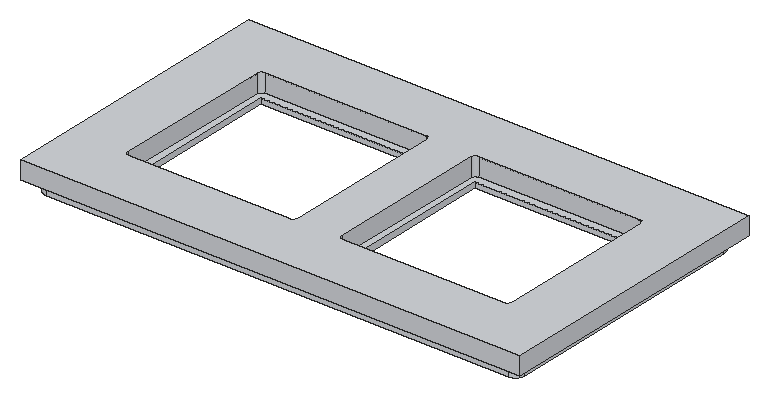
Revit family "Gira_0212127", category Electrical Fixtures, host Face, Revit 2017
Family settings
  Host = Face
  Maintain Annotation Orientation = No
  Round Connector Dimension = Use Diameter
  Part Type = Normal
  Cut with Voids When Loaded = No
  Shared = No
  Room Calculation Point = No
Parameters (values of type "Cov.fr. 2-g Gira Esprit alum.brown")
  With mounting grid = "No"
  With hinged lid = "No"
  URL = "http://katalog.gira.de/en/datenblatt.html?artikelnr=0212127"
  Type of fastening = "Clamp mounting"
  Transparent = "No"
  Surface protection = "Other"
  Suitable for wall duct = "No"
  Suitable for flush-mounted installation = "Yes"
  Suitable for floor box = "No"
  Suitable for built-in installation = "No"
  Number of units vertical = "2"
  Number of units horizontal = "2"
  Number of units = "2"
  Name = "Cov.fr. 2-g Gira Esprit alum.brown"
  Mounting direction = "Horizontal and vertical"
  Material quality = "Aluminium"
  Material = "Metal"
  Manufacturer URL = "https://www.gira.de/"
  Manufacturer = "Gira"
  Label space/information surface = "No"
  Keynote = ""
  HeinzeBIM = "https://bimportal.heinze.de/bim/cov-fr-2-g-gira-esprit-alum-brown/299ef27d824a28e4231df61f2df30979613c0ab2"
  Halogen free = "Yes"
  HAN = "0212127"
  GTIN = "4010337109082"
  Description = "Cov.fr.2g Espr. AlBn,Gira Esprit cover frame,aluminium brown,2-gang,Features:,- Anodised aluminium E 1. Colour deviations are possible."
  Degree of protection (IP) = "IP20"
  Default Elevation = 1219.2 mm
  Data sheet (1) = "https://katalog.gira.de/en/download.html?artikelnr=0212127"
  Colour = "Brown"
  Category = "Cover frame for domestic switching devices"
  BIM (1) = "https://media.stage.bim.site/public/gira/36a6b08/Espr._Rahmen_2fach.rfa"
  Available = "No"
Reference planes
  plane 1 "Center (Front/Back)": y = 0
  plane 2: z = 0
  plane 3 "Center (Left/Right)": x = 0
Forms (mm)
  Extrusion 1, solid, detail levels fine
    sketch origin (0, 0, 0) x (1, 0, 0) y (0, 1, 0)
      loop
        line (-83, 47.5) -> (-83, -47.5) -> (83, -47.5) -> (83, 47.5) -> (-83, 47.5)
      loop
        arc (-63.75, -26.7) -> (-63.311, -27.761) -> (-62.25, -28.2) r 1.5
        line (-62.25, -28.2) -> (-8.85, -28.2)
        arc (-8.85, -28.2) -> (-7.789, -27.761) -> (-7.35, -26.7) r 1.5
        line (-7.35, -26.7) -> (-7.35, 26.7)
        arc (-7.35, 26.7) -> (-7.789, 27.761) -> (-8.85, 28.2) r 1.5
        line (-8.85, 28.2) -> (-62.25, 28.2)
        arc (-62.25, 28.2) -> (-63.311, 27.761) -> (-63.75, 26.7) r 1.5
        line (-63.75, 26.7) -> (-63.75, -26.7)
      loop
        line (63.75, -26.7) -> (63.75, 26.7)
        arc (63.75, 26.7) -> (63.311, 27.761) -> (62.25, 28.2) r 1.5
        line (62.25, 28.2) -> (8.85, 28.2)
        arc (8.85, 28.2) -> (7.789, 27.761) -> (7.35, 26.7) r 1.5
        line (7.35, 26.7) -> (7.35, -26.7)
        arc (7.35, -26.7) -> (7.789, -27.761) -> (8.85, -28.2) r 1.5
        line (8.85, -28.2) -> (62.25, -28.2)
        arc (62.25, -28.2) -> (63.311, -27.761) -> (63.75, -26.7) r 1.5
    from 0 to 6
  Extrusion 2, solid, detail levels fine
    sketch origin (0, 0, 0) x (1, 0, 0) y (0, 1, 0)
      loop
        line (-61.45, -25.7) -> (-9.65, -25.7) -> (-9.65, 25.7) -> (-61.45, 25.7) -> (-61.45, -25.7)
      loop
        line (61.45, 25.7) -> (9.65, 25.7) -> (9.65, -25.7) -> (61.45, -25.7) -> (61.45, 25.7)
      loop
        arc (-78.454, -41.3) -> (-77.927, -42.573) -> (-76.654, -43.1) r 1.8
        line (-76.654, -43.1) -> (76.654, -43.1)
        arc (76.654, -43.1) -> (77.927, -42.573) -> (78.454, -41.3) r 1.8
        line (78.454, -41.3) -> (78.454, 41.3)
        arc (78.454, 41.3) -> (77.927, 42.573) -> (76.654, 43.1) r 1.8
        line (76.654, 43.1) -> (-76.654, 43.1)
        arc (-76.654, 43.1) -> (-77.927, 42.573) -> (-78.454, 41.3) r 1.8
        line (-78.454, 41.3) -> (-78.454, -41.3)
    from -1.9 to 0
  Extrusion 3, solid, detail levels fine
    sketch origin (0, 0, 0) x (1, 0, 0) y (0, 1, 0)
      loop
        arc (-76.75, 44.4) -> (-78.871, 43.521) -> (-79.75, 41.4) r 3
        line (-79.75, 41.4) -> (-79.75, -41.4)
        arc (-79.75, -41.4) -> (-78.871, -43.521) -> (-76.75, -44.4) r 3
        line (-76.75, -44.4) -> (76.75, -44.4)
        arc (76.75, -44.4) -> (78.871, -43.521) -> (79.75, -41.4) r 3
        line (79.75, -41.4) -> (79.75, 41.4)
        arc (79.75, 41.4) -> (78.871, 43.521) -> (76.75, 44.4) r 3
        line (76.75, 44.4) -> (-76.75, 44.4)
      loop
        arc (-78.55, -41.4) -> (-78.023, -42.673) -> (-76.75, -43.2) r 1.8
        line (-76.75, -43.2) -> (76.75, -43.2)
        arc (76.75, -43.2) -> (78.023, -42.673) -> (78.55, -41.4) r 1.8
        line (78.55, -41.4) -> (78.55, 41.4)
        arc (78.55, 41.4) -> (78.023, 42.673) -> (76.75, 43.2) r 1.8
        line (76.75, 43.2) -> (-76.75, 43.2)
        arc (-76.75, 43.2) -> (-78.023, 42.673) -> (-78.55, 41.4) r 1.8
        line (-78.55, 41.4) -> (-78.55, -41.4)
    from -3.7 to 0
  Extrusion 4, solid, detail levels medium
    sketch origin (0, 0, 0) x (1, 0, 0) y (0, 1, 0)
      loop
        line (-83, 47.5) -> (-83, -47.5) -> (83, -47.5) -> (83, 47.5) -> (-83, 47.5)
    from 0 to 6
  Extrusion 5, solid, detail levels medium
    sketch origin (0, 0, 0) x (1, 0, 0) y (0, 1, 0)
      loop
        line (-79.75, 44.4) -> (-79.75, -44.4) -> (79.75, -44.4) -> (79.75, 44.4) -> (-79.75, 44.4)
    from -3.7 to 0
  Extrusion 6, solid, detail levels coarse
    sketch origin (0, 0, 0) x (1, 0, 0) y (0, 1, 0)
      loop
        line (-83, 47.5) -> (-83, -47.5) -> (83, -47.5) -> (83, 47.5) -> (-83, 47.5)
    from -3.7 to 6
Dimensions and locks
  aligned and locked: plane 2 to host face
  aligned and locked: level to host face
